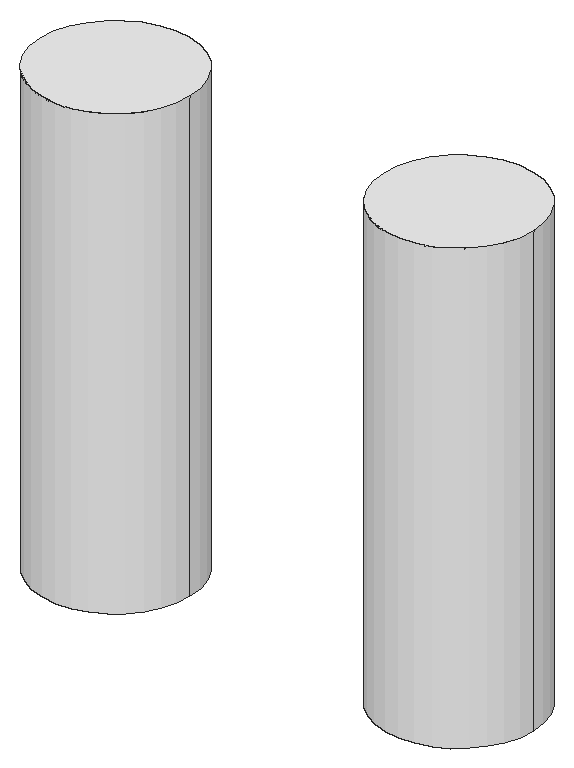
Revit family "92512009(2023)", category Plumbing Fixtures, Revit 2020
Family settings
  Round Connector Dimension = Use Diameter
  Part Type = Normal
  OmniClass Number = 23.45.55.00
  OmniClass Title = Sanitary Faucets, Wastes
  Work Plane-Based = No
  Always vertical = Yes
  Cut with Voids When Loaded = No
  Shared = No
  Room Calculation Point = No
Parameters (values of type "92512009 Washbasin faucet, 230/9 V, Bluetooth")
  WarrantyStartDate [instance] = "n/a"
  WarrantyGuarantorParts = "n/a"
  WarrantyGuarantorLabor = "n/a"
  WarrantyDurationUnit = "Year"
  WarrantyDurationParts = "n/a"
  WarrantyDurationLabor = "n/a"
  WarrantyDescription = "http://warranty.hansa.com"
  Warranty Information URL = "http://warranty.hansa.com"
  VersionDate = "01/06/2023"
  Version = "1"
  ValvePattern = "n/a"
  ValveOperation = "n/a"
  ValveMechanism = "n/a"
  Uniclass2015Reference = "Pr_40_20_87_96"
  Uniclass2015Description = "Washbasin manual water supply sets"
  Uniclass2 = "Pr_40_30_96_96"
  URL WEEE = "http://static.hansa.com/WEEE/92512009"
  URL REACH = "http://static.hansa.com/doc/reach"
  URL Materials Declaration = "http://www.hansa.com/fileadmin/resources/183261_92512009_materialsdeclaration.pdf"
  URL EcoLabel Declaration = "http://static.hansa.com/doc/EcoLabel"
  URL EU Packaging Declaration = "http://static.hansa.com/doc/packaging"
  URL Declaration of SCIP = "http://static.hansa.com/doc/SCIP"
  URL Declaration of Conformity = "http://static.hansa.com/DoC/92512009"
  URL Declaration of Asbestos = "http://static.hansa.com/doc/asbestos"
  URL Declaration Of Performance (DOP) = "http://static.hansa.com/doc/DoP"
  URL = ""
  UNSPSC Class Number = "30181700 Faucets or taps"
  TestPressure = "n/a"
  Temperature = "Temperature limiter"
  Technical DataSheet URL = "http://www.hansa.com/datasheet/92512009/en"
  TagNumber [instance] = "n/a"
  SustainabilityPerformance = "n/a"
  Surface treatment = "Chrome"
  Spout Type = "Fixed spout"
  Size = "55x175x165 mm"
  Shape = "Sculptured"
  SerialNumber [instance] = "n/a"
  Sales Package dimensions (LxWxH) = "284 x 191 x 83.5"
  Revision = "n/a"
  ReplacementCost = "n/a"
  Protection Class = "IP 55 / transformer IP 20"
  ProductInformation = "n/a"
  Product URL = "http://static.hansa.com/92512009"
  Product Image URL = "http://static.hansa.com/image/92512009"
  Product Family = "HANSAELECTRA "
  Product Code = "92512009"
  OperatingMechanismMaterial = "n/a"
  Operating Voltage = 9 V
  Operating Distance = "20-130 mm (110/130/160 mm)"
  NominalWidth = 55 mm
  NominalHeight = 135 mm
  NominalDepth = 173.5 mm
  Name_en = "92512009 Washbasin faucet, 230/9 V, Bluetooth"
  Name = "92512009 Washbasin faucet, 230/9 V, Bluetooth"
  NBSReference = "45-35-70/371"
  NBSDescription = "Water supply fittings for wash basins and troughs"
  Mounting Holes = "1 hole"
  ModelReference = "92512009"
  ModelNumber = "n/a"
  Model = "92512009 Washbasin faucet, 230/9 V, Bluetooth"
  Mobile Product Information URL = "http://mpi.hansa.com/92512009"
  Mechanical Parts = "Non-return valve(s);Litter filter(s)"
  Max Flow Period = "2 min (1 - 1800 s)"
  Market = "International;Germany;Austria;Belgium;Netherlands"
  ManufacturerURL = "http://www.hansa.com"
  ManufacturerName = "HANSA"
  Manufacturer = "HANSA"
  Long Marketing = "Electra 92 series give you a clean classic design with beautiful round body flowing into round spout design with a clear design line framing the faucet design.\nA Classic design for any installation.\n\nKey Features\nAerator with Tilt function +/- 10° for more flexible installation\nNewest Sensor technology for better detection and operation comfort\nBluetooth technology for easy adjustment to personalize settings \nBattery and power cable\nCold Water faucet"
  Keynote = ""
  InstallationDate [instance] = "n/a"
  Installation Type = "Deck mounted"
  InletConnectionSize = 10 mm
  IfcExportType = "FAUCET"  # constant formula
  IfcExportAs = "IfcValveType"  # constant formula
  Group = "Washbasin faucet"
  Grade = "n/a"
  FlowCoefficient = 0
  Finish = "Polished"
  Features = "Touchless;Plug transformer;Bluetooth®;"
  FaucetMainMaterial = Brass
  FDV Document URL = "http://www.hansa.com/datasheet/92512009/en/fdv"
  ExpectedLife = "n/a"
  Electronic Parts = ";Light indicated function(s);Low battery indicator"
  Electrical Connection = "230 / 9 V"
  ETIM Class Number = "EC011328 Washbasin mixing tap"
  EMC Directive = "2014/53/EU , 2011/65/EU"
  EAN Number = "4057304020162"
  DurationUnit = "Year"
  Dimension Drawing URL = "http://static.hansa.com/dimdrw/92512009"
  Description = ""
  DefaultElevation [instance] = 900 mm
  Default Elevation = 0 mm
  Constituents = "n/a"
  Connection = "Flexible inlet pipes"
  Color = "Chrome"
  CodePerformance = "n/a"
  CloseOffRating = 0
  Catalog Drawing URL = "http://static.hansa.com/catdrw/92512009"
  CO2 Emissions (D) = -8.31
  CO2 Emissions (C4) = 0.32
  CO2 Emissions (C3) = 0.02
  CO2 Emissions (C2) = 0.02
  CO2 Emissions (C1) = 0
  CO2 Emissions (A4) = 0.42
  CO2 Emissions (A1-A3) = 11.39
  Brand = "HANSA"
  BodyMaterial = "Brass"
  Bluetooth = "5.x (D060576)"
  Barcode [instance] = "n/a"
  BIMObjectName = "92512009(2023)"
  Automatic Flush Period = "30 s (1-1800 s)"
  Automatic Flush Frequency = "off (off/1-120 h)"
  Author = "BIMStone"
  AssetType = "Fixed"
  AssetIdentifier [instance] = "n/a"
  Afterflow Period = "3 s (1-20 s)"
  Aerator = "PCA® - constant flow rate regardless of pressure variations;Adjustable flow angle"
  Advanced Features = "3S-installation system for safe and simple mounting"
  AccessibilityPerformance = "n/a"
  2D/3D/BIM Files URL = "http://static.hansa.com/bim/92512009"
Reference planes
  plane 1 "Center (Front/Back)": y = 0
  plane 2: z = 0
  plane 3 "Center (Left/Right)": x = 0
  plane 4: x = -27.5
  plane 5: z = 900
  plane 6: z = 870
  plane 7: y = -173.5
  plane 8: x = 27.5
  plane 9: z = 1035
Forms (mm)
  Extrusion 1, solid, material "Brass" <- "FaucetMainMaterial"
    sketch origin (0, -4.192, 0) x (1, 0, 0) y (0, 1, 0)
      loop
        circle (-11.5, -22.5) r 5
      loop
        circle (11.5, -22.5) r 5
    from 870 to 900
Dimensions and locks
  "DefaultElevation": plane 5 to level
  locked: plane 5 to plane 6 at 30
  "NominalDepth": plane 7 to plane 1 "Center (Front/Back)"
  equal spacing: plane 4, plane 3 "Center (Left/Right)", plane 8
  "NominalHeight": plane 9 to plane 5
  "NominalWidth": plane 4 to plane 8
  "InletConnectionSize": diameter of Extrusion 1 sketch curve  (x2)
  aligned and locked: level to plane 2
  aligned and locked: plane 5 to Extrusion 1
  aligned and locked: Extrusion 1 to plane 6
  aligned and locked: nested 2 to plane 5
Automatic sketch dimensions
  Extrusion 1 sketch curve to plane 3 "Center (Left/Right)" = 11.5 mm
  plane 3 "Center (Left/Right)" to Extrusion 1 sketch curve = 11.5 mm
  plane 1 "Center (Front/Back)" to Extrusion 1 sketch curve = 26.692 mm  (x2)
Nested families
  nested 1: "Symbol" at (0, 0, 0), type "Symbol", detail levels coarse
  nested 2: "92512009(2023)_Body" at (0, 0, 900), Material <- "FaucetMainMaterial", type "92512009(2023)_Body"
    with Material Brass
Connectors
  piping at (-11.5, -26.692, 870), diameter 10, driven by "InletConnectionSize"
    settings: on Extrusion 1, index 1, connector inside diameter 609.6 mm, connector length 0 mm, flow factor 0, pipe flow 0.19 L/s, pressure drop 0.0 Pa, fitting loss kfactor 0, connector angle 0.00°, fixture units 0, engagement length 0 mm, angle of deflection 0.00°, flow configuration 1, flow direction 1, fitting loss method 0, system type 19, joint type 0, gender type 0, connector reference index -1, connector utility 0, adjustable connector no, is connector primary yes, connector description ""
  piping at (11.5, -26.692, 870), diameter 10, driven by "InletConnectionSize"
    settings: on Extrusion 1, index 2, connector inside diameter 609.6 mm, connector length 0 mm, flow factor 0, pipe flow 0.19 L/s, pressure drop 0.0 Pa, fitting loss kfactor 0, connector angle 0.00°, fixture units 0, engagement length 0 mm, angle of deflection 0.00°, flow configuration 1, flow direction 1, fitting loss method 0, system type 20, joint type 0, gender type 0, connector reference index -1, connector utility 0, adjustable connector no, is connector primary no, connector description ""
Definition of nested family "Symbol"
  Reference planes
    plane 1: y = 0
    plane 2: x = 0
  Lines and regions (mm)
    detail lines
      curve 1: line (0, 0, 0) -> (0, -1.8, 0)
      curve 2: line (-0.4, -1.1, 0) -> (0.4, -1.1, 0)
      curve 3: line (-0.4, -1.4, 0) -> (0.4, -1.4, 0)
      curve 4: line (0.863, 0, 0) -> (-0.863, 0, 0)
      curve 5: circle (-1.163, 0, 0) r 0.3 normal (0, 0, -1)
      curve 6: circle (1.163, 0, 0) r 0.3 normal (0, 0, 1)
Definition of nested family "92512009(2023)_Body"
  Parameters
    Width = 168 mm
    Material [instance] = none
    Length = 55 mm
    Height = 134.994 mm
    Default Elevation = 0 mm
  Reference planes
    plane 1 "Center (Front/Back)": y = 0
    plane 2: z = 0
    plane 3 "Center (Left/Right)": x = 0
    plane 4: x = -27.5
    plane 5: z = 134.994
    plane 6: y = -168
    plane 7: x = 27.5
  Forms (mm)
    Revolve 1, solid, material <- "Material", detail levels medium
      sketch origin (0, 0, 0) x (0, 1, 0) y (0, 0, 1)
        loop
          line (0, 0) -> (-2.598, 129.697)
          arc (-2.598, 129.697) -> (-2.937, 130.686) -> (-3.788, 131.294) r 1.712
          arc (-3.788, 131.294) -> (-15.501, 134.063) -> (-27.5, 134.994) r 77.83
          line (-27.5, 134.994) -> (-27.5, 0) -> (0, 0)
        axis (-27.5, 134.994) -> (-27.5, 0)
      angle from 0 to 360
    Extrusion 2, solid, material <- "Material", detail levels medium
      sketch origin (0.001, -2.031, 0) x (1, 0, 0) y (0, 1, 0)
        loop
          line (-25.887, -25.868) -> (-20.731, -146.342)
          arc (-20.731, -146.342) -> (-0.357, -165.862) -> (20.016, -146.342) r 20.392
          line (20.016, -146.342) -> (25.172, -25.868)
          arc (25.172, -25.868) -> (-0.357, 0.778) -> (-25.887, -25.868) r 25.553
      from 134.994 to 114.822
    Extrusion 3, solid, material <- "Material", detail levels medium
      sketch origin (0, -28.193, -25.495) x (1, 0, 0) y (0, 0.978148, -0.207912)
        loop
          circle (0, -147.98) r 10.977
      from 117.675 to 107.391
    Extrusion 4, solid, material <- "Material", detail levels coarse
      sketch origin (0, 0, 0) x (1, 0, 0) y (0, 1, 0)
        loop
          line (-27.5, 0) -> (-27.5, -168) -> (27.5, -168) -> (27.5, 0) -> (-27.5, 0)
      from 134.994 to 0
  Lines and regions (mm)
    symbolic lines, detail levels medium+fine
      curve 1: arc (-24.917, -38.757, 0) -> (-23.038, -12.577, 0) -> (0, 0, 0) r 27.388
      curve 2: line (-24.917, -38.757, 0) -> (-20.192, -148.655, 0)
      curve 3: arc (-20.192, -148.655, 0) -> (-13.981, -162.383, 0) -> (0, -168, 0) r 20.213
      curve 6: arc (24.917, -38.757, 0) -> (25.286, -37.911, 0) -> (25.626, -37.054, 0) r 27.388
      curve 7: line (24.917, -38.757, 0) -> (20.192, -148.655, 0)
      curve 8: arc (20.192, -148.655, 0) -> (13.981, -162.383, 0) -> (0, -168, 0) r 20.213
      curve 11: arc (25.946, -18.618, 0) -> (15.967, -5.136, 0) -> (0, 0, 0) r 27.388
      curve 13: line (-27.274, 0, 0) -> (0, 0, 0)
      curve 14: line (-27.274, 0, 0) -> (-25.24, 0, 129.702)
      curve 15: arc (-24.135, 0, 131.187) -> (-12.217, 0, 134.036) -> (0, 0, 134.994) r 78.415
      curve 16: arc (-25.24, 0, 129.702) -> (-24.925, 0, 130.621) -> (-24.135, 0, 131.187) r 1.596
      curve 38: line (27.5, 0, 0) -> (0, 0, 0)
      curve 39: arc (24.135, 0, 131.187) -> (12.217, 0, 134.036) -> (0, 0, 134.994) r 78.415
      curve 40: arc (25.24, 0, 129.702) -> (24.925, 0, 130.621) -> (24.135, 0, 131.187) r 1.596
      curve 62: line (27.316, 0, 31.413) -> (25.24, 0, 129.702)
      curve 63: line (0, -0.001, 0) -> (0, -54.741, 0)
      curve 64: line (0, -54.741, 0) -> (0, -54.741, 89.109)
      curve 65: arc (0, -54.741, 89.109) -> (0, -60.916, 104.015) -> (0, -75.822, 110.19) r 21.081
      curve 66: line (0, -75.822, 110.19) -> (0, -137.978, 112.752)
      curve 67: line (0, -137.978, 112.752) -> (0, -138.76, 108.726)
      curve 68: line (0, -138.76, 108.726) -> (0, -140.089, 108.243)
      curve 69: line (0, -140.089, 108.243) -> (0, -161.108, 112.71)
      curve 71: line (0, -161.108, 112.71) -> (0, -162.081, 113.684)
      curve 72: line (0, -162.081, 113.684) -> (0, -161.179, 117.93)
      curve 73: line (0, -161.179, 117.93) -> (0, -162.487, 118.78)
      curve 74: arc (0, -162.487, 118.78) -> (0, -165.802, 121.815) -> (0, -167.951, 125.762) r 13.648
      curve 75: arc (0, -167.951, 125.762) -> (0, -168.055, 126.283) -> (0, -168.014, 126.813) r 1.949
      curve 76: line (0, -168.014, 126.813) -> (0, -167.677, 130.015)
      curve 77: arc (0, -167.677, 130.015) -> (0, -167.314, 130.859) -> (0, -166.535, 131.346) r 1.543
      curve 78: arc (0, -166.535, 131.346) -> (0, -161.236, 132.748) -> (0, -155.941, 134.168) r 1621.186
      curve 79: arc (0, -155.941, 134.168) -> (0, -152.77, 134.808) -> (0, -149.543, 135.034) r 25.064
      curve 80: line (0, -149.543, 135.034) -> (0, -27.513, 135.034)
      curve 81: arc (0, -27.513, 135.034) -> (0, -15.436, 134.07) -> (0, -3.665, 131.204) r 76.163
      curve 82: arc (0, -3.665, 131.204) -> (0, -2.9, 130.652) -> (0, -2.59, 129.76) r 1.566
      curve 83: line (0, -2.59, 129.76) -> (0, -0.001, 0)
      curve 86: arc (27.5, 0, 0) -> (27.528, 0, 15.707) -> (27.316, 0, 31.413) r 1028.16
      curve 87: arc (25.626, -37.054, 0) -> (27.384, -27.864, 0) -> (25.946, -18.618, 0) r 27.388
    symbolic lines, detail levels fine
      curve 4: line (-24.917, -38.757, 0) -> (-25.3, -27.797, 0)
      curve 5: arc (-25.3, -27.797, 0) -> (-18.165, -9.569, 0) -> (0, -2.277, 0) r 24.667
      curve 9: line (24.917, -38.757, 0) -> (25.3, -27.797, 0)
      curve 10: arc (25.3, -27.797, 0) -> (18.165, -9.569, 0) -> (0, -2.277, 0) r 24.667
      curve 12: arc (25.626, -37.054, 0) -> (27.384, -27.864, 0) -> (25.946, -18.618, 0) r 27.388
      curve 17: line (0, 0, 131.26) -> (-23.908, 0, 131.26)
      curve 18: line (0, 0, 125.699) -> (-20, 0, 125.699)
      curve 19: line (-20, 0, 125.699) -> (-24.305, 0, 125.094)
      curve 20: arc (-24.305, 0, 125.094) -> (-24.948, 0, 124.801) -> (-25.326, 0, 124.203) r 1.241
      curve 21: line (-20.294, 0, 125.658) -> (-20.007, 0, 129.755)
      curve 22: arc (-20.007, 0, 129.755) -> (-19.612, 0, 130.721) -> (-18.719, 0, 131.26) r 1.663
      curve 23: line (-12.011, 0, 116.413) -> (-14.591, 0, 118.219)
      curve 24: arc (-14.591, 0, 118.219) -> (-18.016, 0, 121.499) -> (-20.294, 0, 125.658) r 15.564
      curve 25: arc (-7.86, 0, 117.316) -> (-3.95, 0, 117.906) -> (0, 0, 118.104) r 39.583
      curve 26: arc (-10.398, 0, 116.677) -> (-9.137, 0, 117.026) -> (-7.86, 0, 117.316) r 27.985
      curve 27: arc (-12.011, 0, 116.413) -> (-11.196, 0, 116.492) -> (-10.398, 0, 116.677) r 6.245
      curve 28: line (-12.011, 0, 116.413) -> (-12.011, 0, 114.808)
      curve 29: arc (-12.011, 0, 114.808) -> (-11.729, 0, 113.864) -> (-10.975, 0, 113.229) r 1.721
      curve 30: line (-10.975, 0, 113.229) -> (-10.975, 0, 110.167)
      curve 31: arc (-9.621, 0, 109.438) -> (-4.847, 0, 108.554) -> (0, 0, 108.258) r 39.812
      curve 32: arc (-10.975, 0, 110.167) -> (-10.344, 0, 109.718) -> (-9.621, 0, 109.438) r 3.113
      curve 33: line (-6.513, 0, 43.004) -> (-6.513, 0, 29.802)
      curve 34: arc (-0.937, 0, 48.58) -> (-4.88, 0, 46.947) -> (-6.513, 0, 43.004) r 5.576
      curve 35: line (-0.937, 0, 48.58) -> (0, 0, 48.58)
      curve 36: arc (-6.513, 0, 29.802) -> (-4.97, 0, 26.077) -> (-1.246, 0, 24.535) r 5.267
      curve 37: line (-1.246, 0, 24.535) -> (0, 0, 24.535)
      curve 41: line (0, 0, 131.26) -> (23.908, 0, 131.26)
      curve 42: line (0, 0, 125.699) -> (20, 0, 125.699)
      curve 43: line (20, 0, 125.699) -> (24.305, 0, 125.094)
      curve 44: arc (24.305, 0, 125.094) -> (25.005, 0, 124.747) -> (25.359, 0, 124.05) r 1.241
      curve 45: line (20.294, 0, 125.658) -> (20.007, 0, 129.755)
      curve 46: arc (20.007, 0, 129.755) -> (19.612, 0, 130.721) -> (18.719, 0, 131.26) r 1.663
      curve 47: line (12.011, 0, 116.413) -> (14.591, 0, 118.219)
      curve 48: arc (14.591, 0, 118.219) -> (18.016, 0, 121.499) -> (20.294, 0, 125.658) r 15.564
      curve 49: arc (7.86, 0, 117.316) -> (3.95, 0, 117.906) -> (0, 0, 118.104) r 39.583
      curve 50: arc (10.398, 0, 116.677) -> (9.137, 0, 117.026) -> (7.86, 0, 117.316) r 27.985
      curve 51: arc (12.011, 0, 116.413) -> (11.196, 0, 116.492) -> (10.398, 0, 116.677) r 6.245
      curve 52: line (12.011, 0, 116.413) -> (12.011, 0, 114.808)
      curve 53: arc (12.011, 0, 114.808) -> (11.729, 0, 113.864) -> (10.975, 0, 113.229) r 1.721
      curve 54: line (10.975, 0, 113.229) -> (10.975, 0, 110.167)
      curve 55: arc (9.621, 0, 109.438) -> (4.847, 0, 108.554) -> (0, 0, 108.258) r 39.812
      curve 56: arc (10.975, 0, 110.167) -> (10.344, 0, 109.718) -> (9.621, 0, 109.438) r 3.113
      curve 57: line (6.513, 0, 43.004) -> (6.513, 0, 29.802)
      curve 58: arc (0.937, 0, 48.58) -> (4.88, 0, 46.947) -> (6.513, 0, 43.004) r 5.576
      curve 59: line (0.937, 0, 48.58) -> (0, 0, 48.58)
      curve 60: arc (6.513, 0, 29.802) -> (4.97, 0, 26.077) -> (1.246, 0, 24.535) r 5.267
      curve 61: line (1.246, 0, 24.535) -> (0, 0, 24.535)
      curve 70: line (0, -138.76, 108.726) -> (0, -162.081, 113.684)
      curve 84: arc (0, -137.978, 112.752) -> (0, -142.542, 114.942) -> (0, -147.396, 116.384) r 31.952
      curve 85: arc (0, -147.396, 116.384) -> (0, -154.25, 117.494) -> (0, -161.179, 117.93) r 71.083
  Dimensions and locks
    equal spacing: plane 4, plane 3 "Center (Left/Right)", plane 7
    "Length": plane 4 to plane 7
    "Width": plane 6 to plane 1 "Center (Front/Back)"
    "Height": plane 5 to level
    aligned and locked: level to plane 2
  Automatic sketch dimensions
    Revolve 1 sketch curve to level = 0 mm
    Revolve 1 sketch curve to plane 5 = 0 mm
    Revolve 1 sketch curve to plane 1 "Center (Front/Back)" = 0 mm
    plane 1 "Center (Front/Back)" to Revolve 1 sketch curve = 2.598 mm
    Revolve 1 sketch curve to Revolve 1 sketch curve = 1.712 mm
    plane 1 "Center (Front/Back)" to Revolve 1 sketch curve = 27.5 mm
    level to Revolve 1 sketch curve = 57.164 mm
    Revolve 1 sketch curve to plane 5 = 5.331 mm
    Revolve 1 sketch curve to Revolve 1 sketch curve = 0.034 mm
    Revolve 1 sketch curve to Revolve 1 sketch curve = 0 mm
    Revolve 1 sketch curve to plane 5 = 15 mm
    Revolve 1 sketch curve to Revolve 1 sketch curve = 5 mm
    Extrusion 2 sketch curve to plane 4 = 1.614 mm
    Extrusion 2 sketch curve to plane 4 = 6.77 mm
    Extrusion 2 sketch curve to plane 3 "Center (Left/Right)" = 0.357 mm  (x2)
    Extrusion 2 sketch curve to plane 7 = 7.483 mm
    Extrusion 2 sketch curve to plane 7 = 2.327 mm
    plane 6 to Extrusion 2 sketch curve = 19.627 mm
    Extrusion 2 sketch curve to Extrusion 2 sketch curve = 0.872 mm
    plane 1 "Center (Front/Back)" to Extrusion 2 sketch curve = 27.899 mm
    Extrusion 2 sketch curve to Extrusion 2 sketch curve = 1.093 mm
    Extrusion 3 sketch curve to plane 3 "Center (Left/Right)" = 0 mm
    curve 63 to level = 0 mm
    curve 78 to plane 6 = 410.454 mm
    curve 76 to plane 5 = 8.181 mm
    curve 76 to plane 6 = 0.014 mm
    curve 76 to plane 5 = 4.978 mm
    curve 76 to curve 76 = 0.337 mm
    curve 76 to curve 77 = 1.534 mm
    curve 75 to curve 75 = 1.905 mm
    curve 73 to plane 5 = 16.214 mm
    curve 75 to curve 73 = 3.622 mm
    curve 74 to curve 85 = 0.312 mm
    curve 70 to plane 5 = 21.31 mm
    curve 74 to curve 70 = 0.406 mm
    curve 73 to plane 5 = 17.063 mm
    curve 74 to curve 73 = 1.309 mm
    curve 69 to plane 5 = 22.283 mm
    curve 70 to curve 69 = 0.973 mm
    curve 74 to plane 5 = 4.767 mm
    curve 77 to curve 74 = 11.089 mm
    curve 69 to curve 84 = 7.069 mm
    plane 5 to curve 80 = 0.04 mm
    curve 74 to curve 80 = 5.511 mm
    curve 69 to curve 79 = 11.699 mm
    curve 68 to plane 5 = 26.751 mm
    curve 79 to curve 68 = 9.32 mm
    curve 66 to plane 5 = 22.242 mm
    curve 67 to curve 66 = 0.782 mm
    curve 67 to curve 65 = 62.938 mm
    curve 65 to curve 63 = 21.081 mm
    curve 65 to curve 80 = 27.228 mm
    curve 82 to plane 5 = 5.278 mm
    curve 81 to curve 82 = 23.358 mm
    curve 83 to plane 5 = 5.234 mm
    curve 82 to curve 83 = 1.565 mm
    curve 63 to curve 63 = 54.741 mm
    level to curve 81 = 58.871 mm
    curve 65 to plane 5 = 45.885 mm
    curve 79 to curve 84 = 6.414 mm
    curve 75 to curve 75 = 0.413 mm
    curve 77 to curve 76 = 0.161 mm
    plane 5 to curve 78 = 1564.334 mm
    curve 78 to curve 77 = 0 mm
    curve 68 to plane 5 = 26.267 mm
    level to curve 85 = 46.855 mm
    curve 84 to curve 68 = 23.113 mm
    curve 15 to curve 39 = 0 mm
    curve 25 to curve 49 = 0 mm
    curve 31 to curve 55 = 0 mm
    curve 13 to level = 0 mm
    curve 25 to plane 3 "Center (Left/Right)" = 0 mm
    curve 18 to plane 3 "Center (Left/Right)" = 0 mm
    curve 17 to plane 3 "Center (Left/Right)" = 0 mm
    curve 35 to plane 3 "Center (Left/Right)" = 0 mm
    curve 15 to plane 3 "Center (Left/Right)" = 0 mm
    curve 13 to plane 3 "Center (Left/Right)" = 0 mm
    curve 31 to plane 3 "Center (Left/Right)" = 0 mm
    curve 37 to plane 3 "Center (Left/Right)" = 0 mm
    curve 38 to plane 7 = 0 mm
    curve 39 to plane 5 = 0 mm
    curve 34 to plane 3 "Center (Left/Right)" = 0.937 mm
    curve 37 to plane 3 "Center (Left/Right)" = 1.246 mm
    curve 26 to plane 3 "Center (Left/Right)" = 2.303 mm
    curve 24 to plane 3 "Center (Left/Right)" = 5.663 mm
    curve 33 to curve 36 = 5.267 mm
    curve 32 to plane 3 "Center (Left/Right)" = 8.869 mm
    curve 29 to curve 32 = 1.421 mm
    curve 30 to curve 29 = 0.685 mm
    curve 28 to curve 29 = 1.721 mm
    curve 27 to curve 27 = 0.193 mm
    curve 23 to curve 27 = 2.58 mm
    curve 22 to plane 4 = 9.151 mm
    curve 19 to curve 22 = 1.651 mm
    curve 21 to plane 5 = 5.239 mm
    curve 21 to curve 22 = 1.658 mm
    curve 16 to curve 21 = 3.637 mm
    curve 20 to plane 4 = 3.368 mm
    curve 19 to curve 20 = 0.173 mm
    curve 14 to curve 16 = 1.596 mm
    curve 14 to plane 4 = 0.226 mm
    level to curve 86 = 9.698 mm
    curve 35 to curve 59 = 0.937 mm
    plane 3 "Center (Left/Right)" to curve 60 = 1.246 mm
    plane 3 "Center (Left/Right)" to curve 50 = 2.303 mm
    plane 3 "Center (Left/Right)" to curve 48 = 5.663 mm
    curve 60 to curve 57 = 5.267 mm
    plane 3 "Center (Left/Right)" to curve 56 = 8.869 mm
    curve 56 to curve 53 = 1.421 mm
    curve 56 to curve 54 = 2.106 mm
    curve 53 to curve 52 = 1.721 mm
    curve 47 to curve 51 = 0.193 mm
    curve 47 to curve 47 = 2.58 mm
    curve 46 to plane 7 = 9.151 mm
    curve 46 to curve 43 = 1.651 mm
    curve 45 to plane 5 = 5.239 mm
    curve 46 to curve 45 = 1.658 mm
    curve 46 to curve 40 = 3.637 mm
    curve 44 to plane 7 = 3.368 mm
    curve 44 to curve 43 = 0.173 mm
    curve 40 to curve 62 = 1.596 mm
    level to curve 37 = 24.535 mm
    curve 33 to curve 33 = 13.202 mm
    curve 35 to curve 39 = 8 mm
    curve 39 to curve 49 = 21.942 mm
    curve 49 to curve 50 = 11.367 mm
    curve 26 to curve 50 = 0 mm
    curve 54 to curve 46 = 19.589 mm
    curve 30 to curve 22 = 19.589 mm
    curve 54 to curve 56 = 2.293 mm
    curve 30 to curve 32 = 2.293 mm
    curve 32 to curve 30 = 0.77 mm
    curve 56 to curve 54 = 0.77 mm
    curve 29 to curve 28 = 1.604 mm
    curve 52 to curve 47 = 1.604 mm
    curve 47 to curve 47 = 1.806 mm
    curve 27 to curve 23 = 1.806 mm
    curve 24 to curve 27 = 4.435 mm
    curve 47 to curve 51 = 4.435 mm
    curve 44 to curve 46 = 5.89 mm
    curve 20 to curve 22 = 5.89 mm
    curve 44 to curve 43 = 1.229 mm
    curve 20 to curve 19 = 1.229 mm
    curve 42 to curve 15 = 9.294 mm
    curve 46 to curve 46 = 0.116 mm
    curve 22 to curve 22 = 0.116 mm
    curve 40 to curve 46 = 0.087 mm
    curve 16 to curve 21 = 0.087 mm
    curve 40 to curve 62 = 0.034 mm
    curve 16 to curve 14 = 0.034 mm
    curve 24 to plane 5 = 4.025 mm
    curve 48 to plane 5 = 4.025 mm
    curve 41 to curve 15 = 3.734 mm
    plane 5 to curve 31 = 13.077 mm
    curve 27 to curve 25 = 2.538 mm
    curve 26 to curve 25 = 0 mm
    curve 31 to curve 32 = 0 mm
    curve 21 to curve 24 = 0 mm
    curve 50 to curve 49 = 0 mm
    curve 45 to curve 48 = 0 mm
    curve 44 to curve 44 = 1.228 mm
    curve 86 to plane 7 = 0.184 mm
    curve 1 to curve 6 = 0 mm  (x2)
    curve 1 to curve 11 = 0 mm  (x2)
    curve 1 to curve 12 = 0 mm  (x2)
    curve 1 to curve 87 = 0 mm  (x2)
    curve 6 to curve 11 = 0 mm  (x2)
    curve 6 to curve 12 = 0 mm  (x2)
    curve 6 to curve 87 = 0 mm  (x2)
    curve 11 to curve 12 = 0 mm  (x2)
    curve 11 to curve 87 = 0 mm  (x2)
    curve 12 to curve 87 = 0 mm  (x2)
    curve 3 to plane 3 "Center (Left/Right)" = 0 mm
    curve 10 to plane 3 "Center (Left/Right)" = 0 mm
    plane 1 "Center (Front/Back)" to curve 1 = 0 mm
    curve 1 to plane 3 "Center (Left/Right)" = 0 mm
    curve 8 to plane 6 = 0 mm
    curve 8 to plane 3 "Center (Left/Right)" = 0.003 mm
    curve 5 to plane 3 "Center (Left/Right)" = 0.648 mm
    curve 2 to plane 4 = 7.308 mm
    curve 4 to plane 4 = 2.583 mm
    curve 4 to plane 4 = 2.2 mm
    plane 3 "Center (Left/Right)" to curve 3 = 0.003 mm
    plane 3 "Center (Left/Right)" to curve 10 = 0.648 mm
    curve 7 to plane 7 = 7.308 mm
    curve 9 to plane 7 = 2.583 mm
    curve 9 to plane 7 = 2.2 mm
    plane 6 to curve 7 = 19.345 mm
    plane 6 to curve 2 = 19.345 mm
    plane 1 "Center (Front/Back)" to curve 9 = 38.757 mm
    curve 6 to curve 9 = 10.96 mm
    curve 2 to curve 4 = 10.96 mm
    curve 87 to curve 5 = 0.452 mm
    curve 6 to curve 12 = 0.709 mm
    curve 87 to curve 6 = 0 mm  (x2)
    curve 11 to plane 7 = 1.554 mm
    curve 87 to curve 12 = 0 mm
    Extrusion 4 sketch curve to plane 4 = 0 mm
    Extrusion 4 sketch curve to plane 6 = 0 mm
    Extrusion 4 sketch curve to plane 7 = 0 mm
    plane 1 "Center (Front/Back)" to Extrusion 4 sketch curve = 0 mm
    radius of Extrusion 3 sketch curve = 10.977 mm
